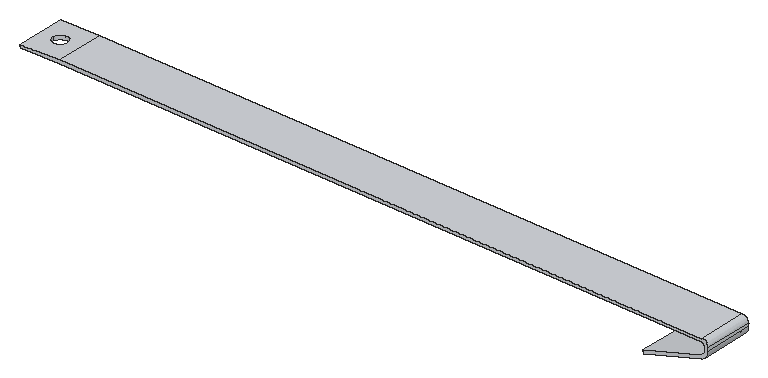
Revit family "beam clamp retaining strap-7250-12", category Pipe Accessories, Revit 2018
Family settings
  Round Connector Dimension = Use Diameter
  Part Type = Normal
  Work Plane-Based = No
  Always vertical = Yes
  Cut with Voids When Loaded = No
  Shared = No
Parameters (values of type "FNW7250Z1000")
  Weight [instance] = ""  # constant formula
  W = 0.950"  # constant formula
  URL = "http://www.fnw.com"
  T = 0.063"  # constant formula
  Show Sample Beam Clamp [instance] = no
  SSR = 0.125"  # constant formula
  SQH = 0.153"  # constant formula
  RD = 0.280"  # constant formula
  R1 = RD / 2  # 0.140"
  Product ID [instance] = ""
  Part Number [instance] = "FNW7250Z1000"
  Material = Zinc
  Threaded Rod Center = 1.000"  # constant formula
  Inside Beam Face [instance] = 0.630"  # constant formula
  Description BOM [instance] = "Beam Clamp Retaining Strap 12\""
  D = 0.750"  # constant formula
  C Half [instance] = Beam Clamp Height / 2  # 0.780"
  Beam Size = 12.000"  # constant formula
  Beam Clamp Height = 1.560"  # constant formula
  Beam thickness [instance] = 0.250"
  B = 1.220"  # constant formula
  A = 1.880"  # constant formula
Reference planes (in)
  plane 1 "Center (Front/Back)": y = 0
  plane 2: z = 0
  plane 3 "Center (Left/Right)": x = 0
  plane 4: x = -1
  plane 5: z = 1.56
  plane 6: x = -1.38
  plane 7: x = -0.63
  plane 8: z = 1.137
  plane 9: z = 0.387
  plane 10: z = 0.762
  plane 11: x = 0.34
  plane 12: y = 0.315
  plane 13: y = -0.315
  plane 14: y = 0.475
  plane 15: y = -0.475
  plane 16: z = 0.887
  plane 17: x = 11.37
Forms (in)
  Extrusion 1, solid, material "Glass", visible <- "Show Sample Beam Clamp"
    sketch origin (0, 0, 0) x (1, 0, 0) y (0, 0, 1)
      loop
        line (-1.38, 1.56) -> (-1.38, 0) -> (0.34, 0) -> (0.34, 0.387) -> (-0.63, 0.387) -> (-0.63, 1.137) -> (0.34, 1.137) -> (0.34, 1.56) -> (-1.38, 1.56)
    from -0.475 to 0.475
  Extrusion 2, void
    sketch origin (0, 0, 0) x (1, 0, 0) y (0, 1, 0)
      loop
        line (-0.63, 0.475) -> (0.02948, 0.44745)
        arc (0.02948, 0.44745) -> (0.44842, 0) -> (0.02948, -0.44745) r 0.44842
        line (0.02948, -0.44745) -> (-0.63, -0.475) -> (-0.63, -0.725) -> (1.06638, -0.725) -> (1.06638, 0) -> (1.06638, 0.725) -> (-0.63, 0.725) -> (-0.63, 0.475)
    from 0 to 1.81081
  Extrusion 3, void
    sketch origin (0, 0, 0) x (1, 0, 0) y (0, 1, 0)
      loop
        circle (-1, 0) r 0.14
    from 0 to 2.00406
  Extrusion 4, void
    sketch origin (0, 0, 0) x (1, 0, 0) y (0, 0, 1)
      loop
        line (0.85897, 1.44414) -> (0.85897, 1.7727) -> (-1.86912, 1.7727) -> (-1.86912, -0.08867) -> (-1.30007, -0.08867) -> (-1.30007, 0.387) -> (-1.44105, 0.46839) -> (-1.44105, 1.05561) -> (-1.30007, 1.137) -> (-1.30007, 1.56) -> (-0.62534, 1.56) -> (0.85897, 1.44414)
    from -0.3798 to 0.3798
  Revolve 5, solid, material "Glass", visible <- "Show Sample Beam Clamp"
    sketch origin (0, 0, 0) x (1, 0, 0) y (0, 0, 1)
      loop
        line (0, 0.5745) -> (-0.05343, 0.5745) -> (-0.125, 0.40775) -> (-0.125, -0.34209) -> (0, -0.34209) -> (0, 0.5745)
      axis (0, 0.5745) -> (0, -0.34209)
    angle from 0 to 360
  Extrusion 6, solid, material "Glass", visible <- "Show Sample Beam Clamp"
    sketch origin (0, 0, 0) x (1, 0, 0) y (0, 1, 0)
      loop
        line (-0.153, 0.153) -> (-0.153, -0.153) -> (0.153, -0.153) -> (0.153, 0.153) -> (-0.153, 0.153)
    from -0.50563 to -0.34209
  Revolve 7, void
    sketch origin (0, 0, 0) x (1, 0, 0) y (0, 0, 1)
      loop
        line (-1.45014, 0.762) -> (-1.18765, 0.762) -> (-1.18765, 0.902) -> (-1.45014, 0.902) -> (-1.45014, 0.762)
      axis (-1.18765, 0.762) -> (-1.45014, 0.762)
    angle from 0 to 360
  Sweep 8, solid
    path origin (0, 0, 0) x (1, 0, 0) y (0, 0, 1)
      loop
        line (-1.38, 1.61854) -> (-0.63, 1.61854) -> (11.50462, 1.16807)
        arc (11.50462, 1.16807) -> (11.56641, 1.13753) -> (11.59103, 1.07315) r 0.09452
        line (11.59103, 1.07315) -> (11.59058, 1.0157)
        arc (11.59058, 1.0157) -> (11.56182, 0.93197) -> (11.48847, 0.88241) r 0.1395
        line (11.48847, 0.88241) -> (10.40304, 0.58049)
    profile origin (-1.005, 0, 1.61854) x (0, 0, 1) y (0, -1, 0)
      loop
        line (0.0315, -0.475) -> (0.0315, 0.475) -> (-0.0315, 0.475) -> (-0.0315, -0.475) -> (0.0315, -0.475)
Cuts and joins
  Extrusion 2, Extrusion 3, Extrusion 4, Revolve 7 cuts Extrusion 1
  Extrusion 3 cuts Sweep 8
Lines and regions (in)
  reference lines
    curve 1: line (-1, 0, 1.56) -> (-1, 0, 0)
    curve 2: line (-1.38, 0, 0) -> (0.75, 0, 0)
    curve 3: line (11.37, 0, 1.56) -> (11.37, 0, -1.19)
    curve 4: line (0, 0, 3.06) -> (0, 0, -0.86039)
    curve 5: line (-1, 0, 2.9094) -> (-1, 0, -2.5906)
    curve 6: line (-1, 0, 1.56) -> (-4.75, 0, 1.56)
Dimensions and locks (in)
  "Beam Clamp Height": plane 5 to plane 2
  equal spacing: plane 8, plane 10, plane 9
  equal spacing: plane 13, plane 1 "Center (Front/Back)", plane 12
  "Inside Beam Face": plane 13 to plane 12
  "SSR": plane 3 "Center (Left/Right)" to Revolve 5 sketch curve
  "SQH": plane 1 "Center (Front/Back)" to Extrusion 6 sketch curve  (x2)
  "SQH": plane 3 "Center (Left/Right)" to Extrusion 6 sketch curve
  "SQH": Extrusion 6 sketch curve to plane 3 "Center (Left/Right)"
  "Threaded Rod Center": plane 3 "Center (Left/Right)" to plane 4
  "Inside Beam Face": plane 7 to plane 3 "Center (Left/Right)"
  "R1": Revolve 7 sketch curve to plane 10
  "Beam thickness": plane 8 to plane 16
  "Beam Size": plane 7 to plane 17
  equal spacing: Sweep 8 sketch curve, profile plane, Sweep 8 sketch curve
  "T": Sweep 8 sketch curve to Sweep 8 sketch curve
  equal spacing: plane 15, plane 1 "Center (Front/Back)", plane 14
  "W": plane 15 to plane 14
  "RD": diameter of Extrusion 3 sketch curve
  aligned and locked: plane 2 to level
  aligned and locked: Extrusion 1 sketch curve to plane 11
  aligned and locked: plane 5 to Extrusion 1 sketch curve
  aligned and locked: Extrusion 1 sketch curve to plane 6
  aligned and locked: Extrusion 1 to plane 15
  aligned and locked: Extrusion 1 to plane 14
  aligned and locked: curve 3 to plane 17
Automatic sketch dimensions
  plane 7 to Extrusion 1 sketch curve = 0.000"
  Extrusion 1 sketch curve to level = 0.000"
  Extrusion 1 sketch curve to plane 9 = 0.000"
  Extrusion 1 sketch curve to plane 8 = 0.000"
  plane 1 "Center (Front/Back)" to curve 2 = 0.000"
  curve 2 to plane 6 = 0.000"
  plane 11 to Extrusion 1 sketch curve = 0.000"
  plane 11 to curve 2 = 0.410"
  Extrusion 2 sketch curve to plane 7 = 0.000"  (x2)
  plane 3 "Center (Left/Right)" to Extrusion 2 sketch curve = 0.02948"  (x2)
  plane 1 "Center (Front/Back)" to Extrusion 2 sketch curve = 0.000"  (x2)
  Extrusion 2 sketch curve to plane 15 = 0.000"
  plane 14 to Extrusion 2 sketch curve = 0.000"
  Extrusion 2 sketch curve to plane 15 = 0.250"
  plane 11 to Extrusion 2 sketch curve = 0.72638"
  Extrusion 2 sketch curve to Extrusion 2 sketch curve = 0.250"
  plane 15 to Extrusion 2 sketch curve = 0.02755"
  Extrusion 2 sketch curve to plane 3 "Center (Left/Right)" = 0.000"
  Extrusion 4 sketch curve to plane 9 = 0.000"
  Extrusion 4 sketch curve to plane 5 = 0.000"
  Extrusion 4 sketch curve to plane 8 = 0.000"
  Extrusion 4 sketch curve to plane 5 = 0.2127"
  plane 6 to Extrusion 4 sketch curve = 0.06105"
  Extrusion 4 sketch curve to plane 6 = 0.07993"  (x2)
  Extrusion 4 sketch curve to plane 7 = 0.00466"
  plane 11 to Extrusion 4 sketch curve = 0.51897"
  plane 9 to Extrusion 4 sketch curve = 0.08139"
  Extrusion 4 sketch curve to plane 8 = 0.08139"
  plane 5 to Extrusion 4 sketch curve = 0.11586"
  Extrusion 4 sketch curve to level = 0.08867"
  plane 6 to Extrusion 4 sketch curve = 0.48912"
  curve 6 to plane 5 = 0.000"
  curve 1 to level = 0.000"
  curve 1 to plane 4 = 0.000"
  curve 5 to plane 4 = 0.000"
  curve 4 to plane 3 "Center (Left/Right)" = 0.000"
  curve 3 to plane 5 = 0.000"
  plane 6 to curve 6 = 3.370"
  curve 4 to level = 0.86039"
  curve 3 to level = 1.190"
  curve 5 to curve 4 = 1.73021"
  curve 1 to curve 5 = 1.3494"
  curve 5 to curve 4 = 0.1506"
  plane 6 to Sweep 8 sketch curve = 0.000"
  plane 7 to Sweep 8 sketch curve = 0.000"
  plane 17 to Sweep 8 sketch curve = 0.08108"
  Sweep 8 sketch curve to plane 16 = 0.00459"
  plane 17 to Sweep 8 sketch curve = 0.11847"
  Sweep 8 sketch curve to Sweep 8 sketch curve = 0.04544"
  plane 8 to Sweep 8 sketch curve = 0.03107"
  Sweep 8 sketch curve to Sweep 8 sketch curve = 0.0081"
  Sweep 8 sketch curve to plane 8 = 0.1213"
  Sweep 8 sketch curve to Sweep 8 sketch curve = 0.09406"
  Sweep 8 sketch curve to plane 8 = 0.06385"
  Sweep 8 sketch curve to Sweep 8 sketch curve = 0.00046"
  Sweep 8 sketch curve to plane 5 = 0.05854"
  Sweep 8 sketch curve to plane 10 = 0.18151"
  Sweep 8 sketch curve to plane 17 = 0.96696"
  plane 1 "Center (Front/Back)" to Extrusion 3 sketch curve = 0.000"
  Extrusion 3 sketch curve to plane 4 = 0.000"
  Revolve 5 sketch curve to plane 3 "Center (Left/Right)" = 0.000"  (x2)
  Revolve 5 sketch curve to Revolve 5 sketch curve = 0.05343"
  Revolve 5 sketch curve to level = 0.34209"
  plane 9 to Revolve 5 sketch curve = 0.02075"
  Revolve 5 sketch curve to Revolve 5 sketch curve = 0.16675"
  Revolve 5 sketch curve to Revolve 5 sketch curve = 1.02075"
  Revolve 5 sketch curve to Revolve 5 sketch curve = 0.0625"
  Revolve 7 sketch curve to plane 10 = 0.000"  (x2)
  plane 6 to Revolve 7 sketch curve = 0.07014"
  Revolve 7 sketch curve to plane 4 = 0.18765"
  Revolve 7 sketch curve to Revolve 7 sketch curve = 0.62202"
  plane 7 to Revolve 7 sketch curve = 0.04235"
  Sweep 8 sketch curve to plane 1 "Center (Front/Back)" = 0.475"
  plane 1 "Center (Front/Back)" to Sweep 8 sketch curve = 0.475"
